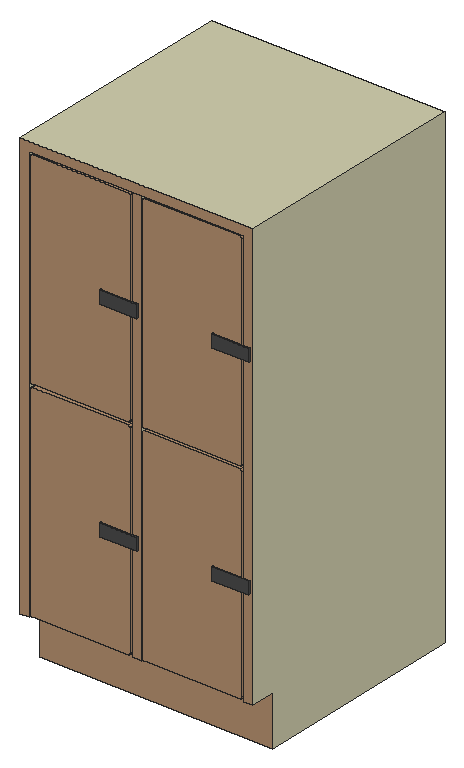
Revit family "Cabinet_Wenger_UltraStor_58", category Furniture, Revit 2015
Parameters (values of type "UltraStor Cabinet #58 - Comp Wood Doors")
  URL = "https://www.wengercorp.com/"
  Type Comments = ""
  Specification = "http://www.arcat.com/sdspecs/htm04/12_35_83wen.htm"
  Shelf Thickness = 0' - 1 1/8"
  Sales Information = "https://www.wengercorp.com/contact-us.php"
  Revision = "R1_2018-04"
  Rear Panel Thickness = 0' - 0 3/4"
  Product Data = "http://www.arcat.com/arcatcos/cos36/arc36487.html"
  Manufacturer Website = "https://www.wengercorp.com/"
  Manufacturer Phone - Toll Free = "800-4WENGER"
  Manufacturer Phone = "(507) 455-4100"
  Manufacturer Fax = "(507) 455-4258"
  Manufacturer Address = "555 Park Dr., Owatonna, MN 55060"
  Keynote = "12 35 83"
  HasDoors = yes
  Green Building-LEED = "http://www.arcat.com/green/clients/leed_data_36487.html"
  Drawn By = "Sumex Design, Inc. / Robert S. Weygant, CSI, CDT, SCIP"
  Door Width = (Cabinet Width - 0' 2 1/4") / 2  # 0' - 8 1/4"
  Door Style = Door_Base : Solid Door
  Door Material [instance] = Wenger Cherry (Use Cherry Edge Band Only)
  Door Height = (Cabinet Height - 0' 4 3/4") / 2  # 1' - 4 25/32"
  Toe Kick Material [instance] = Wenger Cherry (Use Cherry Edge Band Only)
  RH End Panel [instance] = no
  Model = "#58"
  Manufacturer = "Wenger Corporation"
  LH End Panel [instance] = no
  End Panel Material [instance] = Wenger Cherry (Use Cherry Edge Band Only)
  Edge Banding Material [instance] = Wenger Cherry (Use Cherry Edge Band Only)
  Cost = 0
  Copyright = "© 2018 Arcat Inc."
  Construction Details = "http://www.arcat.com/details/wengerco/wengerco.html?coid=36487"
  Body Material [instance] = Wenger - Oyster
  Description = "Wenger UltraStor Cabinet #58 - Comp Wood Doors"
  Cabinet Width = 1' - 6 3/4"
  Cabinet Height = 3' - 2 5/16"
  Installed Depth = 1' - 7 1/4"
  Cabinet Panel Thickness = 0' - 0 3/4"
  Assembly Code = "E2010200"
Types (14): name | Rear Panel Thickness | HasDoors | Door Width | Door Style | Door Material | Model | Description | Cabinet Width | Installed Depth
  Acoustic Cabinet #58 - No Doors | 0' - 3 1/4" | no | 0' - 8 1/4" | Door_Base : Solid Door | none | "#58A" | "Wenger Acoustic Cabinet #58 - No Doors" | 1' - 6 3/4" | 1' - 9 3/4"
  Narrow Acoustic Cabinet #58 - No Doors | 0' - 3 1/4" | no | 0' - 6 1/4" | Door_Base : Solid Door | none | "#58NA" | "Wenger Narrow Acoustic Cabinet #58 - No Doors" | 1' - 2 3/4" | 1' - 9 3/4"
  Acoustic Cabinet #58 - Comp Grille Doors | 0' - 3 1/4" | yes | 0' - 8 1/4" | Door_Base : Bars | Painted Black | "#58A" | "Wenger Acoustic Cabinet #58 - Comp Grille Doors" | 1' - 6 3/4" | 1' - 9 3/4"
  Narrow Acoustic Cabinet #58 - Comp Grille Doors | 0' - 3 1/4" | yes | 0' - 6 1/4" | Door_Base : Bars | Painted Black | "#58NA" | "Wenger Narrow Acoustic Cabinet #58 - Comp Grille Doors" | 1' - 2 3/4" | 1' - 9 3/4"
  Acoustic Cabinet #58 - Comp Waterfall Grille Doors | 0' - 3 1/4" | yes | 0' - 8 1/4" | Door_Base : Waterfall | Painted Black | "#58A" | "Wenger Acoustic Cabinet #58 - Comp Waterfall Grille Doors" | 1' - 6 3/4" | 1' - 9 3/4"
  Narrow Acoustic Cabinet #58 - Comp Waterfall Grille Doors | 0' - 3 1/4" | yes | 0' - 6 1/4" | Door_Base : Waterfall | Painted Black | "#58NA" | "Wenger Narrow Acoustic Cabinet #58 - Comp Waterfall Grille Doors" | 1' - 2 3/4" | 1' - 9 3/4"
  UltraStor Cabinet #58 - No Doors | 0' - 0 3/4" | no | 0' - 8 1/4" | Door_Base : Solid Door | none | "#58" | "Wenger UltraStor Cabinet #58 - No Doors" | 1' - 6 3/4" | 1' - 7 1/4"
  Narrow UltraStor Cabinet #58 - Comp Waterfall Grille Doors | 0' - 0 3/4" | yes | 0' - 6 1/4" | Door_Base : Waterfall | Painted Black | "#58N" | "Wenger Narrow Cabinet #58 - Comp Waterfall Grille Doors" | 1' - 2 3/4" | 1' - 7 1/4"
  Narrow UltraStor Cabinet #58 - Comp Grille Doors | 0' - 0 3/4" | yes | 0' - 6 1/4" | Door_Base : Bars | Painted Black | "#58N" | "Wenger Narrow Cabinet #58 - Comp Grille Doors" | 1' - 2 3/4" | 1' - 7 1/4"
  UltraStor Cabinet #58 - Comp Wood Doors | 0' - 0 3/4" | yes | 0' - 8 1/4" | Door_Base : Solid Door | Wenger Cherry (Use Cherry Edge Band Only) | "#58" | "Wenger UltraStor Cabinet #58 - Comp Wood Doors" | 1' - 6 3/4" | 1' - 7 1/4"
  UltraStor Cabinet #58 - Comp Grille Doors | 0' - 0 3/4" | yes | 0' - 8 1/4" | Door_Base : Bars | Painted Black | "#58" | "Wenger UltraStor Cabinet #58 - Comp Grille Doors" | 1' - 6 3/4" | 1' - 7 1/4"
  Narrow UltraStor Cabinet #58 - No Doors | 0' - 0 3/4" | no | 0' - 6 1/4" | Door_Base : Solid Door | none | "#58N" | "Wenger Narrow Cabinet #58 - No Doors" | 1' - 2 3/4" | 1' - 7 1/4"
  Narrow UltraStor Cabinet #58 - Comp Wood Doors | 0' - 0 3/4" | yes | 0' - 6 1/4" | Door_Base : Solid Door | Wenger Cherry (Use Cherry Edge Band Only) | "#58N" | "Wenger Narrow Cabinet #58 - Comp Wood Doors" | 1' - 2 3/4" | 1' - 7 1/4"
  UltraStor Cabinet #58 - Comp Waterfall Grille Doors | 0' - 0 3/4" | yes | 0' - 8 1/4" | Door_Base : Waterfall | Painted Black | "#58" | "Wenger UltraStor Cabinet #58 - Comp Waterfall Grille Doors" | 1' - 6 3/4" | 1' - 7 1/4"
Reference planes (in)
  plane 1 "Front": y = 0
  plane 2: z = 0
  plane 3 "Left": x = 0
  plane 4 "Right": x = 18.75
  plane 5 "Back": y = 19.25
  plane 6 "Top": z = 38.3125
  plane 7: z = 4
  plane 8: z = 20.78125
  plane 9: x = 0.75
  plane 10: x = 18
  plane 11: z = 37.5625
  plane 12: x = 9
  plane 13: x = 9.75
  plane 14: y = 18.5
  plane 15: y = 2
  plane 16: y = 0.75
  plane 17: z = 21.90625
  plane 18: z = 5.125
Forms (in)
  Extrusion 1, solid, material "Wenger - Oyster" <- "Body Material"
    sketch origin (0, 0, 0) x (0, 1, 0) y (0, 0, 1)
      loop
        line (0, 38.3125) -> (0, 4) -> (2, 4) -> (2, 0) -> (19.25, 0) -> (19.25, 38.3125) -> (0, 38.3125)
    from 0 to 18.75
  Extrusion 2, void
    sketch origin (0, 0, 0) x (0, 1, 0) y (0, 0, 1)
      loop
        line (-5.5, 37.5625) -> (-5.5, 4) -> (0.75, 4)
        arc (0.75, 4) -> (1.15915, 4.80234) -> (2, 5.125) r 1.25694
        line (2, 5.125) -> (18.5, 5.125) -> (18.5, 20.78125) -> (0.75, 20.78125)
        arc (0.75, 20.78125) -> (1.18296, 21.55713) -> (2, 21.90625) r 1.375
        line (2, 21.90625) -> (18.5, 21.90625) -> (18.5, 37.5625) -> (-5.5, 37.5625)
    from 0.75 to 9
  Extrusion 3, void
    sketch origin (0, 0, 0) x (0, 1, 0) y (0, 0, 1)
      loop
        line (-5.5, 37.5625) -> (-5.5, 4) -> (0.75, 4)
        arc (0.75, 4) -> (1.18296, 4.77588) -> (2, 5.125) r 1.375
        line (2, 5.125) -> (18.5, 5.125) -> (18.5, 20.78125) -> (0.75, 20.78125)
        arc (0.75, 20.78125) -> (1.18296, 21.55713) -> (2, 21.90625) r 1.375
        line (2, 21.90625) -> (18.5, 21.90625) -> (18.5, 37.5625) -> (-5.5, 37.5625)
    from 9.75 to 18
  Extrusion 4, void
    sketch origin (0, 0, 0) x (0, 1, 0) y (0, 0, 1)
      loop
        line (0, 37.5625) -> (0, 4) -> (0.0625, 4) -> (0.0625, 37.5625) -> (0, 37.5625)
    from 0.75 to 18
Cuts and joins
  Extrusion 2, Extrusion 3, Extrusion 4 cuts Extrusion 1
Lines and regions (in)
  Masking region 1
    outline origin (0, 0, 0) x (1, 0, 0) y (0, 1, 0)
      loop
        line (0, 19.25) -> (0, 0) -> (18.75, 0) -> (18.75, 19.25) -> (0, 19.25)
Dimensions and locks (in)
  "Cabinet Panel Thickness": plane 3 "Left" to plane 9
  "Cabinet Panel Thickness": plane 10 to plane 4 "Right"
  "Cabinet Panel Thickness": plane 5 "Back" to plane 14
  locked: plane 1 "Front" to plane 16 at 0.75
  locked: plane 1 "Front" to plane 15 at 2
  "Shelf Thickness": plane 17 to plane 8
  "Cabinet Panel Thickness": plane 6 "Top" to plane 11
  equal spacing: plane 11, plane 8, plane 7
  "Shelf Thickness": plane 18 to plane 7
  "Cabinet Width": plane 3 "Left" to plane 4 "Right"
  locked: plane 7 to level at 4
  "Cabinet Height": plane 6 "Top" to level
  "Installed Depth": plane 1 "Front" to plane 5 "Back"
  "Door Width": plane 12 to plane 9
  "Door Width": plane 10 to plane 13
  plane 3 "Left" to plane 4 "Right" = 1' - 6 3/4"
  equal spacing: plane 5 "Back", nested 2, plane 1 "Front"
  equal spacing: plane 12, nested 2, plane 13
  aligned and locked: Extrusion 1 sketch curve to plane 6 "Top"
  aligned and locked: Extrusion 1 sketch curve to plane 5 "Back"
  aligned and locked: Extrusion 1 sketch curve to plane 1 "Front"
  aligned and locked: Extrusion 1 sketch curve to plane 7
  aligned and locked: Extrusion 1 sketch curve to plane 15
  aligned and locked: Extrusion 1 sketch curve to level
  aligned and locked: Extrusion 1 to plane 4 "Right"
  aligned and locked: Extrusion 1 to plane 3 "Left"
  aligned and locked: Extrusion 2 sketch curve to plane 11
  aligned and locked: Extrusion 2 sketch curve to plane 14
  aligned and locked: Extrusion 2 sketch curve to plane 8
  aligned and locked: Extrusion 2 sketch curve to plane 18
  aligned and locked: Extrusion 2 sketch curve to plane 17
  aligned and locked: Extrusion 2 to plane 9
  aligned and locked: plane 12 to Extrusion 2
  aligned and locked: Extrusion 3 to plane 10
  aligned and locked: Extrusion 3 to plane 13
  aligned and locked: Extrusion 4 sketch curve to cut or joined group of Extrusion 1, Extrusion 2, Extrusion 3, Extrusion 4  (x3)
  aligned and locked: Extrusion 4 to plane 10
  aligned and locked: Extrusion 4 to plane 9
  aligned and locked: nested 3 to plane 9
  aligned and locked: plane 12 to nested 3
  aligned and locked: nested 3 to plane 8
  aligned and locked: cut or joined group of Extrusion 1, Extrusion 2, Extrusion 3, Extrusion 4 to plane 13
  aligned and locked: cut or joined group of Extrusion 1, Extrusion 2, Extrusion 3, Extrusion 4 to plane 10
  aligned and locked: nested 4 to plane 8
  aligned and locked: plane 8 to cut or joined group of Extrusion 1, Extrusion 2, Extrusion 3, Extrusion 4
  aligned and locked: nested 6 to plane 10
  aligned and locked: nested 4 to plane 10
  aligned and locked: nested 4 to plane 13
  aligned and locked: nested 6 to plane 13
  aligned and locked: plane 12 to nested 5
  aligned and locked: nested 5 to plane 9
  aligned and locked: plane 7 to cut or joined group of Extrusion 1, Extrusion 2, Extrusion 3, Extrusion 4
  aligned and locked: nested 6 to plane 7
  aligned and locked: nested 5 to plane 7
  aligned and locked: plane 16 to Extrusion 2 sketch curve
  aligned and locked: plane 1 "Front" to nested 7
  aligned and locked: nested 7 to level
  aligned and locked: nested 7 to plane 4 "Right"
  aligned and locked: Masking region 1 sketch curve to plane 5 "Back"
  aligned and locked: Masking region 1 sketch curve to plane 1 "Front"
  aligned and locked: plane 3 "Left" to Masking region 1 sketch curve
  aligned and locked: plane 4 "Right" to Masking region 1 sketch curve
Automatic sketch dimensions
  Extrusion 3 sketch curve to plane 11 = 0' - 0"
  Extrusion 3 sketch curve to plane 7 = 0' - 0"
  Extrusion 3 sketch curve to plane 16 = 0' - 0"  (x2)
  Extrusion 3 sketch curve to plane 8 = 0' - 0"
  Extrusion 3 sketch curve to plane 15 = 0' - 0"  (x2)
  Extrusion 3 sketch curve to plane 14 = 0' - 0"  (x2)
  Extrusion 3 sketch curve to plane 18 = 0' - 0"
  Extrusion 3 sketch curve to plane 17 = 0' - 0"
  plane 1 "Front" to Extrusion 3 sketch curve = 0' - 5 1/2"
  Extrusion 3 sketch curve to plane 15 = 0' - 0.10279"  (x2)
  plane 16 to Extrusion 4 sketch curve = 0' - 0 11/16"
  Extrusion 2 sketch curve to plane 7 = 0' - 0"
  Extrusion 2 sketch curve to plane 15 = 0' - 0"  (x2)
  Extrusion 2 sketch curve to plane 14 = 0' - 0"
  plane 1 "Front" to Extrusion 2 sketch curve = 0' - 5 1/2"
  Extrusion 2 sketch curve to plane 16 = 0' - 0"
  Extrusion 2 sketch curve to plane 15 = 0' - 0.10279"
Nested families (in)
  nested 1: "End Panel" at (0, 4.25, 0) x (0, -1, 0) z (0, 0, 1), End Panel Material <- "End Panel Material", visible <- "LH End Panel", Edge Banding Material <- "Edge Banding Material", type "End Panel"
    with End Panel Material Wenger Cherry (Use Cherry Edge Band Only), Edge Banding Material Wenger Cherry (Use Cherry Edge Band Only), End Panel Height 3' - 2 5/16", End Panel Depth 1' - 7 1/4"
  nested 2: "Labels" at (9.375, 9.625, 0), type "Labels"
  nested 3: "Door_Base" at (4.875, 0, 20.78125) x (1, 0, 0) z (0, -1, 0), type <- "Door Style", Height <- "Door Height", Width <- "Door Width", visible <- "HasDoors", type "Solid Door", detail levels medium+fine
    with vBars 6, Width 0' - 8 1/4", ToeKick Height 0' - 4", MidBar no, Height 1' - 4 25/32", BarHt 1' - 4 9/32", 2HzBars no
  nested 4: "Door_Base" at (13.875, 0, 20.78125) x (1, 0, 0) z (0, -1, 0), type <- "Door Style", Height <- "Door Height", Width <- "Door Width", visible <- "HasDoors", type "Solid Door", detail levels medium+fine
    with vBars 6, Width 0' - 8 1/4", ToeKick Height 0' - 4", MidBar no, Height 1' - 4 25/32", BarHt 1' - 4 9/32", 2HzBars no
  nested 5: "Door_Base" at (4.875, 0, 4) x (1, 0, 0) z (0, -1, 0), type <- "Door Style", Height <- "Door Height", Width <- "Door Width", visible <- "HasDoors", type "Solid Door", detail levels medium+fine
    with vBars 6, Width 0' - 8 1/4", ToeKick Height 0' - 4", MidBar no, Height 1' - 4 25/32", BarHt 1' - 4 9/32", 2HzBars no
  nested 6: "Door_Base" at (13.875, 0, 4) x (1, 0, 0) z (0, -1, 0), type <- "Door Style", Height <- "Door Height", Width <- "Door Width", visible <- "HasDoors", type "Solid Door", detail levels medium+fine
    with vBars 6, Width 0' - 8 1/4", ToeKick Height 0' - 4", MidBar no, Height 1' - 4 25/32", BarHt 1' - 4 9/32", 2HzBars no
  nested 7: "End Panel" at (19.5, 4.25, 0) x (0, -1, 0) z (0, 0, 1), End Panel Material <- "End Panel Material", Edge Banding Material <- "Edge Banding Material", visible <- "RH End Panel", type "End Panel"
    with End Panel Material Wenger Cherry (Use Cherry Edge Band Only), Edge Banding Material Wenger Cherry (Use Cherry Edge Band Only), End Panel Height 3' - 2 5/16", End Panel Depth 1' - 7 1/4"
Definition of nested family "End Panel"
  Parameters (values of type "End Panel")
    End Panel Material [instance] = none
    End Panel Height = 7' - 1 5/8"
    End Panel Depth = 1' - 9 3/4"
    Edge Banding Material [instance] = none
    Default Elevation = 4' - 0"
    Assembly Code = ""
  Reference planes (in)
    plane 1 "Center (Front/Back)": y = 0
    plane 2: z = 0
    plane 3 "Center (Left/Right)": x = 0
    plane 4: x = -15
    plane 5: x = 6.75
    plane 6: z = 4
    plane 7: x = 4.75
    plane 8: z = 85.625
    plane 9: y = -0.75
  Forms (in)
    Extrusion 1, solid, material <- "End Panel Material"
      sketch origin (0, 0, 0) x (1, 0, 0) y (0, 0, 1)
        loop
          line (-15, 85.625) -> (-15, 0) -> (4.75, 0) -> (4.75, 4) -> (6.75, 4) -> (6.75, 85.625) -> (-15, 85.625)
      from 0 to 0.75
  Lines and regions (in)
    Masking region 1, detail levels coarse+medium
      outline origin (0, 0, 0) x (1, 0, 0) y (0, 1, 0)
        loop
          line (-15, 0) -> (-15, -0.75) -> (6.75, -0.75) -> (6.75, 0) -> (-15, 0)
  Dimensions and locks (in)
    locked: plane 7 to plane 5 at 2
    locked: plane 6 to level at 4
    "End Panel Height": plane 8 to level
    "End Panel Depth": plane 5 to plane 4
    locked: plane 9 to plane 1 "Center (Front/Back)" at 0.75
    aligned and locked: plane 4 to Extrusion 1 sketch curve
    aligned and locked: level to Extrusion 1 sketch curve
    aligned and locked: plane 7 to Extrusion 1 sketch curve
    aligned and locked: plane 6 to Extrusion 1 sketch curve
    aligned and locked: Extrusion 1 sketch curve to plane 5
    aligned and locked: Extrusion 1 sketch curve to plane 8
    aligned and locked: Extrusion 1 to plane 9
    aligned and locked: Extrusion 1 to plane 1 "Center (Front/Back)"
    aligned and locked: plane 4 to Masking region 1 sketch curve
    aligned and locked: Masking region 1 sketch curve to plane 5
    aligned and locked: plane 1 "Center (Front/Back)" to Masking region 1 sketch curve
    aligned and locked: plane 9 to Masking region 1 sketch curve
Definition of nested family "Door_Base"
  Parameters (values of type "None")
    vBars [instance] = (Width - 0' 2") / 0' 1"  # 6
    Width [instance] = 0' - 8"
    ToeKick Height [instance] = 0' - 4"
    Thickness = 0' - 0 3/4"
    Solid Door = no
    Shelf Thickness = 0' - 0 3/4"
    Panel Thickness = 0' - 0 3/4"
    MidBar [instance] = and(Height < 1' 6", HasDoor, not(Solid Door))  # no
    Height [instance] = 1' - 2 5/8"
    HasDoor = no
    Edge Banding = none
    DoorGap = 0' - 0 1/8"
    Door Finish = none
    Depth = 2' - 0"
    Default Elevation = 4' - 0"
    Bars = no
    BarStyle = Bars : Waterfall
    BarHt [instance] = Height - 0' 0 1/2"  # 1' - 2 1/8"
    2HzBars [instance] = and(Height > 1' 6", not(Solid Door))  # no
  Types (4): name | Thickness | Solid Door | MidBar | HasDoor | Bars | BarStyle
    Solid Door | 0' - 0 3/4" | yes | no | yes | no | Bars : Waterfall
    Bars | 0' - 0 1/4" | no | yes | yes | yes | Bars : Straight
    Waterfall | 0' - 0 3/4" | no | yes | yes | yes | Bars : Waterfall
    None | 0' - 0 3/4" | no | no | no | no | Bars : Waterfall
  Reference planes (in)
    plane 1 "Center (Front/Back)": y = 0
    plane 2: z = 0
    plane 3 "Center (Left/Right)": x = 0
    plane 4: x = -4
    plane 5: y = 14.625
    plane 6: x = 4
    plane 7: z = -0.75
    plane 8: x = -3.875
    plane 9: x = 3.875
    plane 10: y = 0.125
    plane 11: y = 14.5
    plane 12: y = -0.75
    plane 13 "CL Elev": y = 7.3125
    plane 14: x = -3.75
    plane 15: x = 3.75
    plane 16 "BtmRail": y = 0.25
    plane 17: y = 14.375
    plane 18: z = -0.125
    plane 19: x = -2.75
    plane 20: x = 2.75
    plane 21: y = 9.66667
    plane 22: y = 4.95833
  Forms (in)
    Extrusion 1, solid, material <- "Door Finish", visible <- "Solid Door", detail levels medium+fine
      sketch origin (0, 0, 0) x (1, 0, 0) y (0, 1, 0)
        loop
          arc (-3.75, 14.5) -> (-3.83839, 14.46339) -> (-3.875, 14.375) r 0.125
          line (-3.875, 14.375) -> (-3.875, 0.25)
          arc (-3.875, 0.25) -> (-3.83839, 0.16161) -> (-3.75, 0.125) r 0.125
          line (-3.75, 0.125) -> (3.75, 0.125)
          arc (3.75, 0.125) -> (3.83839, 0.16161) -> (3.875, 0.25) r 0.125
          line (3.875, 0.25) -> (3.875, 14.375)
          arc (3.875, 14.375) -> (3.83839, 14.46339) -> (3.75, 14.5) r 0.125
          line (3.75, 14.5) -> (-3.75, 14.5)
      from 0 to -0.75
    Sweep 2, solid, material <- "Door Finish", visible <- "Bars", detail levels medium+fine
      path origin (0, 0, 0) x (1, 0, 0) y (0, 1, 0)
        loop
          arc (-3.125, 14.5) -> (-3.65533, 14.28033) -> (-3.875, 13.75) r 0.75
          line (-3.875, 13.75) -> (-3.875, 0.875)
          arc (-3.875, 0.875) -> (-3.65533, 0.34467) -> (-3.125, 0.125) r 0.75
          line (-3.125, 0.125) -> (3.125, 0.125)
          arc (3.125, 0.125) -> (3.65533, 0.34467) -> (3.875, 0.875) r 0.75
          line (3.875, 0.875) -> (3.875, 13.75)
          arc (3.875, 13.75) -> (3.65533, 14.28033) -> (3.125, 14.5) r 0.75
          line (3.125, 14.5) -> (-3.125, 14.5)
      profile origin (0, 14.5, 0) x (0, 1, 0) y (0, 0, 1)
        loop
          circle (-0.125, -0.125) r 0.125
    Extrusion 3, solid, material <- "Door Finish", visible <- "MidBar", detail levels medium+fine
      sketch origin (0, 0, 0) x (0, 1, 0) y (0, 0, 1)
        loop
          circle (7.3125, -0.125) r 0.125
      from -3.75 to 3.75
    Extrusion 4, solid, visible <- "HasDoor", detail levels fine
      sketch origin (0, 0, 0) x (1, 0, 0) y (0, 1, 0)
        loop
          line (1.5, 7.8125) -> (1.5, 6.8125) -> (4.5, 6.8125) -> (4.5, 7.8125) -> (1.5, 7.8125)
      from 0 to 0.125
    Extrusion 5, solid, material <- "Door Finish", visible <- "2HzBars", detail levels medium+fine
      sketch origin (0, 0, 0) x (0, 1, 0) y (0, 0, 1)
        loop
          circle (9.66667, -0.125) r 0.125
        loop
          circle (4.95833, -0.125) r 0.125
      from -3.75 to 3.75
  Lines and regions (in)
    symbolic lines, visible <- "HasDoor", detail levels medium+fine
      curve 1: line (4, 0.25, 0) -> (-4, 0.25, 0)
      curve 2: line (-4, 0.25, 0) -> (-4, 0.25, 8)
      curve 3: arc (4, 0.25, 0) -> (1.65685, 0.25, 5.65685) -> (-4, 0.25, 8) r 8
    symbolic lines, visible <- "HasDoor"
      curve 4: line (3.875, 0.25, 0) -> (3.875, 0.25, -0.75)
      curve 5: line (3.875, 0.25, -0.75) -> (-3.875, 0.25, -0.75)
      curve 6: line (-3.875, 0.25, -0.75) -> (-3.875, 0.25, 0)
    symbolic lines, detail levels medium
      curve 7: line (3.875, 14.5, 0) -> (-3.875, 7.3125, 0)
      curve 8: line (-3.875, 7.3125, 0) -> (3.875, 0.125, 0)
  Dimensions and locks (in)
    "Height": plane 1 "Center (Front/Back)" to plane 5
    "Thickness": level to plane 7
    equal spacing: plane 4, plane 3 "Center (Left/Right)", plane 6
    "Width": plane 4 to plane 6
    "DoorGap": plane 5 to plane 11
    "DoorGap": plane 9 to plane 6
    "DoorGap": plane 4 to plane 8
    "DoorGap": plane 1 "Center (Front/Back)" to plane 10
    "Shelf Thickness": plane 1 "Center (Front/Back)" to plane 12
    equal spacing: plane 1 "Center (Front/Back)", plane 13 "CL Elev", plane 5
    locked: plane 15 to plane 9 at 0.125
    locked: plane 8 to plane 14 at 0.125
    locked: plane 11 to plane 17 at 0.125
    locked: plane 16 "BtmRail" to plane 10 at 0.125
    locked: level to plane 18 at 0.125
    plane 19 to plane 14 = 0' - 1"
    locked: plane 15 to plane 20 at 1
    Extrusion 4 sketch curve to plane 13 "CL Elev" to Extrusion 4 sketch curve = 0' - 0 1/2" locked, 0' - 0 1/2" locked
    locked: plane 6 to Extrusion 4 sketch curve at 0.5
    locked: Extrusion 4 sketch curve to plane 6 at 2.5
    locked: Extrusion 4 to level at 0.125
    equal spacing: group 1, group 3, group 4, group 5, group 6, group 2  (x3)
    equal spacing: plane 17, plane 21, plane 22, plane 16 "BtmRail"
    "Width": radius of curve 3
    aligned and locked: plane 2 to level
    aligned and locked: Extrusion 1 sketch curve to plane 11
    aligned and locked: plane 8 to Extrusion 1 sketch curve
    aligned and locked: Extrusion 1 sketch curve to plane 9
    aligned and locked: plane 10 to Extrusion 1 sketch curve
    aligned and locked: Extrusion 1 to plane 7
    aligned and locked: level to Extrusion 1
    aligned and locked: Sweep 2 sketch curve to plane 11
    aligned and locked: plane 8 to Sweep 2 sketch curve
    aligned and locked: plane 10 to Sweep 2 sketch curve
    aligned and locked: Sweep 2 sketch curve to plane 9
    aligned and locked: plane 15 to Extrusion 3
    aligned and locked: Extrusion 3 to plane 14
    aligned and locked: plane 20 to nested 2
    aligned and locked: plane 19 to nested 1
    aligned and locked: plane 21 to Extrusion 5 sketch curve
    aligned and locked: plane 18 to Extrusion 5 sketch curve  (x2)
    aligned and locked: plane 22 to Extrusion 5 sketch curve
    aligned and locked: Extrusion 5 to Extrusion 3  (x2)
    aligned and locked: plane 4 to curve 3  (x2)
    aligned and locked: level to curve 3
    aligned and locked: plane 7 to curve 5
    aligned and locked: Extrusion 1 to plane 8
    aligned and locked: plane 9 to Extrusion 1
    aligned and locked: plane 10 to curve 8
    aligned and locked: plane 9 to curve 8
    aligned and locked: plane 13 "CL Elev" to curve 8
    aligned and locked: plane 11 to curve 7
    aligned and locked: plane 9 to curve 7
  Automatic sketch dimensions
    plane 8 to Sweep 2 sketch curve = 0' - 0 3/4"  (x2)
    Sweep 2 sketch curve to plane 9 = 0' - 0 3/4"
    Sweep 2 sketch curve to Sweep 2 sketch curve = 0' - 0 3/4"
    Sweep 2 sketch curve to level = 0' - 0 1/8"
    profile plane to Sweep 2 sketch curve = 0' - 0 1/8"
    Extrusion 3 sketch curve to level = 0' - 0 1/8"
    Extrusion 3 sketch curve to plane 13 "CL Elev" = 0' - 0"
    curve 8 to plane 8 = 0' - 0"
    Extrusion 1 sketch curve to plane 14 = 0' - 0"  (x2)
    Extrusion 1 sketch curve to plane 15 = 0' - 0"  (x2)
    curve 5 to plane 9 = 0' - 0"
    curve 6 to plane 8 = 0' - 0"
    radius of Sweep 2 sketch curve = 0' - 0 1/8"
    radius of Extrusion 3 sketch curve = 0' - 0 1/8"
    radius of Extrusion 5 sketch curve = 0' - 0 1/8"  (x2)
  Nested families (in)
    nested 1: "Bars" at (-2.75, 0.25, -0.125) x (1, 0, 0) z (0, 1, 0), type <- "BarStyle", visible <- "Bars", type "Waterfall", detail levels fine
      with Lateral Deviation 0' - 1", Height 1' - 2 1/8"
    nested 2: "Bars" at (2.75, 0.25, -0.125) x (1, 0, 0) z (0, 1, 0), type <- "BarStyle", visible <- "Bars", type "Waterfall", detail levels fine
      with Lateral Deviation 0' - 1", Height 1' - 2 1/8"
    nested 3: "Bars" at (-1.65, 0.25, -0.125) x (1, 0, 0) z (0, 1, 0), type <- "BarStyle", visible <- "Bars", type "Waterfall", detail levels fine
      with Lateral Deviation 0' - 1", Height 1' - 2 1/8"
    nested 4: "Bars" at (-0.55, 0.25, -0.125) x (1, 0, 0) z (0, 1, 0), type <- "BarStyle", visible <- "Bars", type "Waterfall", detail levels fine
      with Lateral Deviation 0' - 1", Height 1' - 2 1/8"
    nested 5: "Bars" at (0.55, 0.25, -0.125) x (1, 0, 0) z (0, 1, 0), type <- "BarStyle", visible <- "Bars", type "Waterfall", detail levels fine
      with Lateral Deviation 0' - 1", Height 1' - 2 1/8"
    nested 6: "Bars" at (1.65, 0.25, -0.125) x (1, 0, 0) z (0, 1, 0), type <- "BarStyle", visible <- "Bars", type "Waterfall", detail levels fine
      with Lateral Deviation 0' - 1", Height 1' - 2 1/8"
  Definition of nested family "Bars"
    Parameters (values of type "Straight")
      WaterFall = no
      Straight = yes
      Lateral Deviation = 0' - 1 1/2"
      Height = 1' - 2 5/8"
      Default Elevation = 4' - 0"
      Bars = none
    Types (3): name | WaterFall | Straight
      (no name) | no | yes
      Waterfall | yes | no
      Straight | no | yes
    Reference planes (in)
      plane 1 "Center (Front/Back)": y = 0
      plane 2: z = 0
      plane 3 "Center (Left/Right)": x = 0
      plane 4: z = 14.625
      plane 5: z = 7.3125
      plane 6: x = 0.75
      plane 7: x = -0.75
      plane 8: z = 10.96875
      plane 9: z = 3.65625
    Forms (in)
      Sweep 1, solid, material <- "Bars", visible <- "WaterFall"
        path origin (0, 0, 0) x (1, 0, 0) y (0, 0, 1)
          loop
            arc (0, 0) -> (0.56057, 1.79006) -> (0.75, 3.65625) r 9.28711
            arc (0.75, 3.65625) -> (0.56057, 5.52244) -> (0, 7.3125) r 9.28711
        profile origin (0.56057, 0, 1.79006) x (-0.979603, 0, 0.200944) y (0, -1, 0)
          loop
            circle (0, 0) r 0.0625
      Sweep 2, solid, material <- "Bars", visible <- "WaterFall"
        path origin (0, 0, 14.625) x (-1, 0, 0) y (0, 0, -1)
          loop
            arc (0, 0) -> (0.56057, 1.79006) -> (0.75, 3.65625) r 9.28711
            arc (0.75, 3.65625) -> (0.56057, 5.52244) -> (0, 7.3125) r 9.28711
        profile origin (-0.56057, 0, 12.83494) x (0.979603, 0, -0.200944) y (0, -1, 0)
          loop
            circle (0, 0) r 0.0625
      Extrusion 3, solid, material <- "Bars", visible <- "Straight"
        sketch origin (0, 0, 0) x (1, 0, 0) y (0, 1, 0)
          loop
            circle (0, 0) r 0.0625
        from 0 to 14.625
    Dimensions and locks (in)
      "Height": plane 4 to level
      equal spacing: plane 6, plane 3 "Center (Left/Right)", plane 7
      "Lateral Deviation": plane 6 to plane 7
      equal spacing: plane 4, plane 8, plane 5, plane 9, level
      aligned and locked: plane 2 to level
      aligned and locked: plane 3 "Center (Left/Right)" to Sweep 1 sketch curve  (x2)
      aligned and locked: level to Sweep 1 sketch curve
      aligned and locked: plane 6 to Sweep 1 sketch curve
      aligned and locked: plane 9 to Sweep 1 sketch curve
      aligned and locked: plane 4 to Sweep 2 sketch curve
      aligned and locked: plane 3 "Center (Left/Right)" to Sweep 2 sketch curve  (x2)
      aligned and locked: plane 8 to Sweep 2 sketch curve
      aligned and locked: plane 7 to Sweep 2 sketch curve
      aligned and locked: plane 5 to Sweep 2 sketch curve
      aligned and locked: plane 4 to Extrusion 3
      aligned and locked: Extrusion 3 to level
    Automatic sketch dimensions
      plane 1 "Center (Front/Back)" to Sweep 1 sketch curve = 0' - 0"
      Sweep 1 sketch curve to profile plane = 0' - 0"
      Sweep 1 sketch curve to Sweep 1 sketch curve = 0' - 0"
      Sweep 2 sketch curve to plane 1 "Center (Front/Back)" = 0' - 0"
      Sweep 2 sketch curve to profile plane = 0' - 0"
      plane 1 "Center (Front/Back)" to Extrusion 3 sketch curve = 0' - 0"
      Extrusion 3 sketch curve to plane 3 "Center (Left/Right)" = 0' - 0"
      radius of Sweep 1 sketch curve = 0' - 0 1/16"
      radius of Sweep 2 sketch curve = 0' - 0 1/16"
      radius of Extrusion 3 sketch curve = 0' - 0 1/16"
Definition of nested family "Labels"
  Parameters
    Cabinet Label = "01"
  Reference planes (in)
    plane 1: y = 0
    plane 2: x = 0
  Text (in)
    label "xxxx" at (-0.00018, 0.00754, 0), shows "Cabinet Label"
